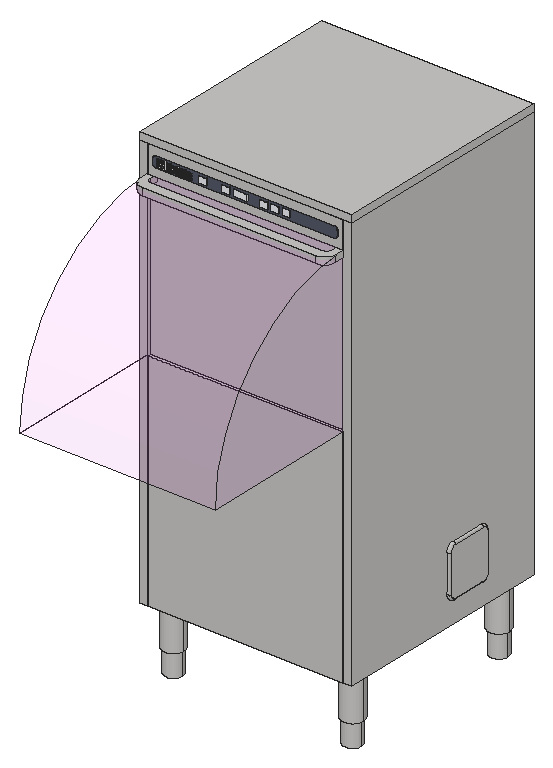
Revit family "QF_ELECTROLUXPROFESSIONAL_503025_WTU40ADPWS", category Attrezzature speciali, Revit 2020
Family settings
  Quota connettore circolare = Usa diametro
  Tipo di parte = Normale
  Basato su piano di lavoro = No
  Sempre verticale = Sì
  Taglio con vuoti quando caricato = No
  Condiviso = No
  Punto di calcolo locali = No
Parameters (values of type "Standard")
  Weight = 100.00 kg
  Watts = 9900 W
  Volts = 400 V
  URL Manufacturer = "https://www.electroluxprofessional.com/"
  URL = "https://www.electroluxprofessional.com/"
  Steam Supply Size = 0 mm
  Steam Supply Minimum Pressure = 0.0 Pa
  Steam Supply Maximum Pressure = 0.0 Pa
  Steam Consumption per Hour = 0
  Show Logo [instance] = yes
  Show Clearance [instance] = yes
  Refrigeration Suction Line Size = 0 mm
  Refrigeration Liquid Line Size = 0 mm
  Refrigerant Compressor Remote = yes
  Prospetto di default = 0 mm
  Produttore = "Electrolux Professional"
  Phase = 3
  Modello = "WTU40ADPWS"
  Length Actual = 642 mm  # constant formula
  Item Number = "503025"
  Hot Water Size = 19.05 mm
  Height Actual = 1477 mm  # constant formula
  HP = "13.3 HP"
  Gas Size = 0 mm
  Gas KW = 0
  Gas Input Pressure = 0 W
  Direct Waste Size = 20.5 mm
  Descrizione = "UTENSIL/DISHW. 65B/H,DRAIN P,ATM,W.SOFT."
  Depth Actual = 723 mm  # constant formula
  Cycle = 50 Hz
  Condensate Return Size = 0 mm
  Compressed Air Volume = 0.0 L/s
  Compressed Air Size = 0 mm
  Compressed Air Pressure = 0.0 Pa
  Cold Water Size = 0 mm
  Accessory = yes
Reference planes
  plane 1: z = 0
  plane 2 "LEFT": x = -438
  plane 3 "BACK": y = 450
  plane 4: z = 904
  plane 5: y = 381
  plane 6: x = -388
  plane 7: z = 200
  plane 8: x = 204
  plane 9: x = -117
  plane 10: z = 880
  plane 11: z = 1477
  plane 12: z = 1363
  plane 13: x = 154
  plane 14: y = -239
  plane 15: y = -172
  plane 16: through (180, 105, 4000) normal (-0.7071, -0.7071, 0)
  plane 17: through (180, 125, 4000) normal (0.7071, -0.7071, 0)
  plane 18: through (47, -3351, 200) normal (-0.7071, 0, -0.7071)
  plane 19: through (47, -3351, 220) normal (0.7071, 0, -0.7071)
  plane 20: y = 392
  plane 21: x = -173
  plane 22: y = 392
  plane 23: x = -117
  plane 24: y = -76
  plane 25: x = -208
Forms (mm)
  Extrusion 1, solid, material "QF_Finishes_Stainless Steel"
    sketch origin (0, 211, 0) x (1, 0, 0) y (0, 1, 0)
      loop
        line (-438, 239) -> (-438, -450) -> (-413, -450) -> (-413, -418) -> (179, -418) -> (179, -450) -> (204, -450) -> (204, 239) -> (-438, 239)
    from 200 to 1455
  Extrusion 2, solid, material "QF_Finishes_Stainless Steel"
    sketch origin (-247.596, -58.023, 198) x (0, -1, 0) y (1, 0, 0)
      loop
        line (-163.023, 407.596) -> (-163.023, 427.596) -> (-183.023, 427.596) -> (-183.023, 407.596) -> (-163.023, 407.596)
    from 0 to 2
  Extrusion 3, solid, material "QF_Finishes_Stainless Steel"
    sketch origin (-1275.159, 1164.464, 194.383) x (1, 0, 0) y (0, 1, 0)
      loop
        circle (1102.159, -772.464) r 10
    from -9.383 to 5.617
  Extrusion 4, solid, material "QF_Finishes_Stainless Steel"
    sketch origin (-30, 211, -709) x (1, 0, 0) y (0, 1, 0)
      loop
        line (-383, -440) -> (209, -440) -> (209, -420) -> (-383, -420) -> (-383, -440)
    from 1589 to 2082
  Extrusion 5, solid, material "QF_Finishes_Stainless Steel"
    sketch origin (-30, 211, -1192) x (1, 0, 0) y (0, 1, 0)
      loop
        line (-383, -450) -> (209, -450) -> (209, -420) -> (-383, -420) -> (-383, -450)
    from 1392 to 2072
  Extrusion 6, solid, material "QF_Finishes_Door Clearance", visible <- "Show Clearance"
    sketch origin (-259, -429, 522.718) x (0, 1, 0) y (0, 0, -1)
      loop
        line (200, -357.282) -> (-293, -357.282)
        arc (-293, -357.282) -> (-148.604, -705.885) -> (200, -850.282) r 493
        line (200, -850.282) -> (200, -357.282)
    from 154 to -438
  Extrusion 7, solid, material "QF_Finishes_Stainless Steel"
    sketch origin (-30, 211, -19) x (1, 0, 0) y (0, 1, 0)
      loop
        line (-383, -450) -> (209, -450) -> (209, -420) -> (-383, -420) -> (-383, -450)
    from 1392 to 1474
  Extrusion 8, solid, material "QF_Finishes_Stainless Steel"
    sketch origin (-57, 0, 63) x (1, 0, 0) y (0, 1, 0)
      loop
        line (-381, -239) -> (261, -239) -> (261, 450) -> (-381, 450) -> (-381, -239)
    from 1392 to 1414
  Extrusion 9, solid, material "QF_Finishes_Stainless Steel"
    sketch origin (-380.596, 450, 36.977) x (1, 0, 0) y (0, 0, -1)
      loop
        line (407.596, -163.023) -> (407.596, -183.023) -> (427.596, -183.023) -> (427.596, -163.023) -> (407.596, -163.023)
    from 0 to 2
  Extrusion 10, solid, material "QF_Finishes_Stainless Steel"
    sketch origin (-1219.159, 1164.464, 194.383) x (1, 0, 0) y (0, 1, 0)
      loop
        circle (1102.159, -772.464) r 10
    from -9.383 to 5.617
  Extrusion 11, solid, material "QF_Finishes_Stainless Steel"
    sketch origin (-1107.159, 1164.464, 194.383) x (1, 0, 0) y (0, 1, 0)
      loop
        circle (1102.159, -772.464) r 10
    from -9.383 to 5.617
  Extrusion 12, solid, material "QF_Finishes_Stainless Steel"
    sketch origin (-1310.159, 696.464, 194.383) x (1, 0, 0) y (0, 1, 0)
      loop
        circle (1102.159, -772.464) r 10
    from -9.383 to 5.617
Dimensions and locks
  plane 4 to level = 904 mm
  plane 3 "BACK" to plane 5 = 69 mm
  plane 2 "LEFT" to plane 6 = 50 mm
  plane 2 "LEFT" to plane 8 = 642 mm
  equal spacing: plane 2 "LEFT", plane 9, plane 8
  plane 10 to level = 880 mm
  plane 11 to level = 1477 mm
  plane 12 to plane 10 = 483 mm
  nested 1 to plane 6 = 0 mm
  plane 13 to plane 8 = 50 mm
  plane 3 "BACK" to plane 14 = 689 mm
  plane 15 to plane 14 = 67 mm
  aligned and locked: level to plane 1
Automatic sketch dimensions
  Extrusion 1 sketch curve to plane 2 "LEFT" = 0 mm
  plane 14 to Extrusion 1 sketch curve = 0 mm  (x2)
  Extrusion 1 sketch curve to plane 3 "BACK" = 0 mm
  Extrusion 1 sketch curve to plane 8 = 0 mm
  plane 2 "LEFT" to Extrusion 1 sketch curve = 25 mm
  plane 8 to Extrusion 1 sketch curve = 25 mm
  Extrusion 1 sketch curve to plane 14 = 32 mm
  Extrusion 2 sketch curve to plane 16 = 0 mm
  plane 17 to Extrusion 2 sketch curve = 0 mm
  Extrusion 2 sketch curve to plane 17 = 0 mm
  Extrusion 2 sketch curve to plane 13 = 6 mm
  plane 20 to Extrusion 3 sketch curve = 0 mm
  Extrusion 3 sketch curve to plane 21 = 0 mm
  plane 2 "LEFT" to Extrusion 4 sketch curve = 25 mm
  plane 8 to Extrusion 4 sketch curve = 25 mm
  Extrusion 4 sketch curve to plane 14 = 10 mm
  Extrusion 4 sketch curve to Extrusion 4 sketch curve = 20 mm
  plane 14 to Extrusion 5 sketch curve = 0 mm
  plane 2 "LEFT" to Extrusion 5 sketch curve = 25 mm
  plane 8 to Extrusion 5 sketch curve = 25 mm
  Extrusion 5 sketch curve to plane 14 = 30 mm
  plane 10 to Extrusion 6 sketch curve = 0 mm  (x2)
  Extrusion 6 sketch curve to plane 14 = 10 mm
  plane 12 to Extrusion 6 sketch curve = 10 mm
  plane 14 to Extrusion 7 sketch curve = 0 mm
  plane 2 "LEFT" to Extrusion 7 sketch curve = 25 mm
  plane 8 to Extrusion 7 sketch curve = 25 mm
  Extrusion 7 sketch curve to plane 14 = 30 mm
  Extrusion 8 sketch curve to plane 3 "BACK" = 0 mm
  plane 14 to Extrusion 8 sketch curve = 0 mm
  Extrusion 8 sketch curve to plane 8 = 0 mm
  Extrusion 8 sketch curve to plane 2 "LEFT" = 0 mm
  plane 18 to Extrusion 9 sketch curve = 0 mm
  Extrusion 9 sketch curve to plane 7 = 0 mm
  Extrusion 9 sketch curve to plane 19 = 0 mm  (x2)
  Extrusion 10 sketch curve to plane 9 = 0 mm
  plane 20 to Extrusion 10 sketch curve = 0 mm
  plane 20 to Extrusion 11 sketch curve = 0 mm
  Extrusion 11 sketch curve to plane 9 = 112 mm
  plane 2 "LEFT" to Extrusion 12 sketch curve = 230 mm
  Extrusion 12 sketch curve to plane 5 = 457 mm
  radius of Extrusion 3 sketch curve = 10 mm
  radius of Extrusion 10 sketch curve = 10 mm
  radius of Extrusion 11 sketch curve = 10 mm
  radius of Extrusion 12 sketch curve = 10 mm
Nested families
  nested 1: "Piedino H200 - DISHWASHING" at (-388, -172, 0), type "Piedino H200 - DISHWASHING"
    with H 200 mm
  nested 2: "Piedino H200 - DISHWASHING" at (-388, 381, 0), type "Piedino H200 - DISHWASHING"
    with H 200 mm
  nested 3: "Piedino H200 - DISHWASHING" at (154, -172, 0), type "Piedino H200 - DISHWASHING"
    with H 200 mm
  nested 4: "Piedino H200 - DISHWASHING" at (154, 381, 0), type "Piedino H200 - DISHWASHING"
    with H 200 mm
  nested 5: "MANIGLIA_DISHWASHING_ROUND" at (-117, -229, 1362.997) x (1, 0, 0) z (0, -1, 0), type "MANIGLIA_DISHWASHING_ROUND"
  nested 6: "Tastierino_DISHWASHING_BLU ELECTROLUX - LUNGO" at (-117, -239, 1414) x (1, 0, 0) z (0, -1, 0), type "Tastierino_DISHWASHING_BLU ELECTROLUX - LUNGO"
    with Show Logo yes
  nested 7: "BOCCHETTONE DISHWASHING" at (204, 191, 350) x (0, -1, 0) z (1, 0, 0), type "BOCCHETTONE DISHWASHING"
  nested 8: "ELX_LOGO_MONO_SMALL_WHITE" at (-360.07, -240, 1463) x (1, 0, 0) z (0, -1, 0), Show Logo <- "Show Logo", visible <- "Show Logo", type "ELX_LOGO_MONO_SMALL_WHITE"
    with Show Logo yes
  nested 9: "ELX_LOGO_WORDS_WHITE" at (-314.654, -240, 1414) x (1, 0, 0) z (0, -1, 0), Show Logo <- "Show Logo", visible <- "Show Logo", type "ELX_LOGO_WORDS_WHITE"
    with Show Logo yes
Connectors
  electrical at (170, 115, 198)
    settings: on Extrusion 2, index 69, voltage 0 V, apparent load 0 VA, apparent load phase1 0 VA, apparent load phase2 0 VA, apparent load phase3 0 VA, power factor 1, load classification "Altro", number of poles 1, system type 30, power factor state 1, is connector primary yes, connector utility no, sub classification motor no, connector description "EI"
  piping at (-173, 392, 185), diameter 12.9
    settings: on Extrusion 3, index 70, connector inside diameter 609.6 mm, connector length 0 mm, flow factor 0, pipe flow 0.0 L/s, pressure drop 0.0 Pa, fitting loss kfactor 0, connector angle 0.00°, fixture units 0, engagement length 0 mm, angle of deflection 0.00°, flow configuration 0, flow direction 0, fitting loss method 0, system type 29, joint type 0, gender type 0, connector reference index -1, connector utility 0, adjustable connector no, is connector primary yes, connector description "XD"
  electrical at (37, 450, 210)
    settings: on Extrusion 9, index 71, voltage 0 V, apparent load 0 VA, apparent load phase1 0 VA, apparent load phase2 0 VA, apparent load phase3 0 VA, power factor 1, load classification "Altro", number of poles 1, system type 30, power factor state 1, is connector primary no, connector utility no, sub classification motor no, connector description "EQ"
  piping at (-117, 392, 185), diameter 12.9
    settings: on Extrusion 10, index 72, connector inside diameter 609.6 mm, connector length 0 mm, flow factor 0, pipe flow 0.0 L/s, pressure drop 0.0 Pa, fitting loss kfactor 0, connector angle 0.00°, fixture units 0, engagement length 0 mm, angle of deflection 0.00°, flow configuration 0, flow direction 0, fitting loss method 0, system type 29, joint type 0, gender type 0, connector reference index -1, connector utility 0, adjustable connector no, is connector primary no, connector description "D"
  piping at (-5, 392, 185), diameter 12.9
    settings: on Extrusion 11, index 73, connector inside diameter 609.6 mm, connector length 0 mm, flow factor 0, pipe flow 0.0 L/s, pressure drop 0.0 Pa, fitting loss kfactor 0, connector angle 0.00°, fixture units 0, engagement length 0 mm, angle of deflection 0.00°, flow configuration 0, flow direction 0, fitting loss method 0, system type 29, joint type 0, gender type 0, connector reference index -1, connector utility 0, adjustable connector no, is connector primary no, connector description "HWI"
  piping at (-208, -76, 185), diameter 12.9
    settings: on Extrusion 12, index 74, connector inside diameter 609.6 mm, connector length 0 mm, flow factor 0, pipe flow 0.0 L/s, pressure drop 0.0 Pa, fitting loss kfactor 0, connector angle 0.00°, fixture units 0, engagement length 0 mm, angle of deflection 0.00°, flow configuration 0, flow direction 0, fitting loss method 0, system type 29, joint type 0, gender type 0, connector reference index -1, connector utility 0, adjustable connector no, is connector primary no, connector description "D"
Definition of nested family "Piedino H200 - DISHWASHING"
  Parameters (values of type "Piedino H200 - DISHWASHING")
    Default Elevation = 0 mm
    H [instance] = 200 mm
  Reference planes
    plane 1 "Centro (Fronte/Retro)": y = 0
    plane 2: z = 0
    plane 3 "Centro (Sinistra/Destra)": x = 0
    plane 4: z = 70.047
  Forms (mm)
    Revolve 1, solid
      sketch origin (55, 0, 0) x (-1, 0, 0) y (0, 0, -1)
        loop
          line (55, 0) -> (27.6, 0) -> (27.6, -70.047) -> (22.6, -70.047) -> (22.6, -200) -> (55, -200) -> (55, 0)
        axis (55, 0) -> (55, -200)
      angle from 0 to 360
  Dimensions and locks
    "H": Revolve 1 to plane 2
    aligned and locked: level to plane 2
  Automatic sketch dimensions
    Revolve 1 sketch curve to plane 4 = 0 mm
    Revolve 1 sketch curve to level = 0 mm
    Revolve 1 sketch curve to plane 3 "Centro (Sinistra/Destra)" = 0 mm  (x2)
    plane 3 "Centro (Sinistra/Destra)" to Revolve 1 sketch curve = 27.4 mm
    Revolve 1 sketch curve to Revolve 1 sketch curve = 5 mm
    Revolve 1 sketch curve to plane 4 = 129.953 mm
    Revolve 1 sketch curve to Revolve 1 sketch curve = 0 mm
    Revolve 1 sketch curve to Revolve 1 sketch curve = 20 mm
Definition of nested family "MANIGLIA_DISHWASHING_ROUND"
  Parameters (values of type "MANIGLIA_DISHWASHING_ROUND")
    Default Elevation = 1219.2 mm
  Reference planes
    plane 1 "Centro (Fronte/Retro)": y = 0
    plane 2: z = 0
    plane 3 "Centro (Sinistra/Destra)": x = 0
    plane 4: z = 72
    plane 5: x = -296
    plane 6: x = 296
  Forms (mm)
    Extrusion 1, solid
      sketch origin (0, 0, 0) x (1, 0, 0) y (0, 1, 0)
        loop
          line (-1219.2, 1219.2) -> (-1219.2, -1219.2) -> (1219.2, -1219.2) -> (1219.2, 1219.2) -> (-1219.2, 1219.2)
      from 0 to -304.8
    Extrusion 2, solid
      sketch origin (0, 10.003, 0) x (1, 0, 0) y (0, 0, 1)
        loop
          line (-296, 0) -> (-276, 0) -> (-276, 27)
          arc (-276, 27) -> (-271.607, 37.607) -> (-261, 42) r 15
          line (-261, 42) -> (261, 42)
          arc (261, 42) -> (271.607, 37.607) -> (276, 27) r 15
          line (276, 27) -> (276, 0) -> (296, 0) -> (296, 37)
          arc (296, 37) -> (285.749, 61.749) -> (261, 72) r 35
          line (261, 72) -> (-261, 72)
          arc (-261, 72) -> (-285.749, 61.749) -> (-296, 37) r 35
          line (-296, 37) -> (-296, 0)
      from 0 to 20.005
  Dimensions and locks
    plane 5 to plane 6 = 592 mm
    aligned and locked: plane 2 to Extrusion 1
    aligned and locked: level to Extrusion 1
Definition of nested family "Tastierino_DISHWASHING_BLU ELECTROLUX - LUNGO"
  Parameters (values of type "Tastierino_DISHWASHING_BLU ELECTROLUX - LUNGO")
    Show Logo [instance] = yes
    Default Elevation = 1219.2 mm
  Reference planes
    plane 1 "Centro (Fronte/Retro)": y = 0
    plane 2: z = 0
    plane 3 "Centro (Sinistra/Destra)": x = 0
  Forms (mm)
    Extrusion 1, solid
      sketch origin (0, 0, 0) x (1, 0, 0) y (0, 1, 0)
        loop
          line (-1219.2, 1219.2) -> (-1219.2, -1219.2) -> (1219.2, -1219.2) -> (1219.2, 1219.2) -> (-1219.2, 1219.2)
      from 0 to -304.8
    Extrusion 2, solid
      sketch origin (0, -346.27, 0) x (1, 0, 0) y (0, 1, 0)
        loop
          line (-279, 352.097) -> (-279, 340.442)
          arc (-279, 340.442) -> (-276.071, 333.371) -> (-269, 330.442) r 10
          line (-269, 330.442) -> (269, 330.442)
          arc (269, 330.442) -> (276.071, 333.371) -> (279, 340.442) r 10
          line (279, 340.442) -> (279, 352.097)
          arc (279, 352.097) -> (276.071, 359.169) -> (269, 362.097) r 10
          line (269, 362.097) -> (-269, 362.097)
          arc (-269, 362.097) -> (-276.071, 359.169) -> (-279, 352.097) r 10
      from 0 to 1
    Extrusion 3, solid
      sketch origin (15, -346.27, 0) x (1, 0, 0) y (0, 1, 0)
        loop
          line (-154.168, 355.847) -> (-154.168, 336.692) -> (-131.389, 336.692) -> (-131.389, 355.847) -> (-154.168, 355.847)
        loop
          line (-84.168, 355.847) -> (-84.168, 336.692) -> (-61.389, 336.692) -> (-61.389, 355.847) -> (-84.168, 355.847)
        loop
          line (30.832, 355.847) -> (30.832, 336.692) -> (53.611, 336.692) -> (53.611, 355.847) -> (30.832, 355.847)
        loop
          line (63.497, 355.847) -> (63.497, 336.692) -> (86.275, 336.692) -> (86.275, 355.847) -> (63.497, 355.847)
        loop
          line (98.497, 355.847) -> (98.497, 336.692) -> (121.275, 336.692) -> (121.275, 355.847) -> (98.497, 355.847)
        loop
          line (-48.676, 355.847) -> (-48.676, 336.692) -> (-8.383, 336.692) -> (-8.383, 355.847) -> (-48.676, 355.847)
      from 0 to 2
  Dimensions and locks
    aligned and locked: plane 2 to Extrusion 1
    aligned and locked: level to Extrusion 1
Definition of nested family "BOCCHETTONE DISHWASHING"
  Parameters (values of type "BOCCHETTONE DISHWASHING")
    Default Elevation = 1219.2 mm
  Reference planes
    plane 1 "Centro (Fronte/Retro)": y = 0
    plane 2: z = 0
    plane 3 "Centro (Sinistra/Destra)": x = 0
  Forms (mm)
    Extrusion 1, solid
      sketch origin (0, 0, 0) x (1, 0, 0) y (0, 1, 0)
        loop
          line (-1219.2, 1219.2) -> (-1219.2, -1219.2) -> (1219.2, -1219.2) -> (1219.2, 1219.2) -> (-1219.2, 1219.2)
      from 0 to -304.8
    Extrusion 2, solid
      sketch origin (-411.544, -195.727, 0) x (1, 0, 0) y (0, 1, 0)
        loop
          arc (359.044, 268.227) -> (348.437, 263.833) -> (344.044, 253.227) r 15
          line (344.044, 253.227) -> (344.044, 138.227)
          arc (344.044, 138.227) -> (348.437, 127.62) -> (359.044, 123.227) r 15
          line (359.044, 123.227) -> (464.044, 123.227)
          arc (464.044, 123.227) -> (474.65, 127.62) -> (479.044, 138.227) r 15
          line (479.044, 138.227) -> (479.044, 253.227)
          arc (479.044, 253.227) -> (474.65, 263.833) -> (464.044, 268.227) r 15
          line (464.044, 268.227) -> (359.044, 268.227)
      from 0 to 13.165
    Sweep 3, solid
      path in 3D
        loop
          arc (-52.5, 72.5, 13.165) -> (-63.107, 68.107, 13.165) -> (-67.5, 57.5, 13.165) r 15
          line (-67.5, 57.5, 13.165) -> (-67.5, -57.5, 13.165)
          arc (-67.5, -57.5, 13.165) -> (-63.107, -68.107, 13.165) -> (-52.5, -72.5, 13.165) r 15
          line (-52.5, -72.5, 13.165) -> (52.5, -72.5, 13.165)
          arc (52.5, -72.5, 13.165) -> (63.107, -68.107, 13.165) -> (67.5, -57.5, 13.165) r 15
          line (67.5, -57.5, 13.165) -> (67.5, 57.5, 13.165)
          arc (67.5, 57.5, 13.165) -> (63.107, 68.107, 13.165) -> (52.5, 72.5, 13.165) r 15
          line (52.5, 72.5, 13.165) -> (-52.5, 72.5, 13.165)
      profile origin (0, 72.5, 13.165) x (0, 0, 1) y (0, 1, 0)
        loop
          arc (-1.054, 0) -> (-6.598, 5.544) -> (-12.141, 0) r 5.544
          line (-12.141, 0) -> (-1.054, 0)
  Lines and regions (mm)
    sketch lines
      curve 1: line (52.5, 72.5, 13.165) -> (-52.5, 72.5, 13.165)
      curve 2: arc (-67.5, 57.5, 13.165) -> (-63.107, 68.107, 13.165) -> (-52.5, 72.5, 13.165) r 15
      curve 3: line (-67.5, 57.5, 13.165) -> (-67.5, -57.5, 13.165)
      curve 4: arc (-52.5, -72.5, 13.165) -> (-63.107, -68.107, 13.165) -> (-67.5, -57.5, 13.165) r 15
      curve 5: line (-52.5, -72.5, 13.165) -> (52.5, -72.5, 13.165)
      curve 6: line (67.5, -57.5, 13.165) -> (67.5, 57.5, 13.165)
      curve 7: arc (52.5, 72.5, 13.165) -> (63.107, 68.107, 13.165) -> (67.5, 57.5, 13.165) r 15
      curve 8: arc (67.5, -57.5, 13.165) -> (63.107, -68.107, 13.165) -> (52.5, -72.5, 13.165) r 15
  Dimensions and locks
    aligned and locked: plane 2 to Extrusion 1
    aligned and locked: level to Extrusion 1
Definition of nested family "ELX_LOGO_MONO_SMALL_WHITE"
  Parameters (values of type "ELX_LOGO_MONO_SMALL_WHITE")
    Show Logo [instance] = yes
    Default Elevation = 1219.2 mm
  Reference planes
    plane 1 "Center (Front/Back)": y = -49
    plane 2: z = 0
    plane 3 "Center (Left/Right)": x = -9.92
  Forms (mm)
    Extrusion 1, solid
      sketch origin (0, 0, 0) x (1, 0, 0) y (0, 1, 0)
        loop
          line (-1219.2, 1219.2) -> (-1219.2, -1219.2) -> (1219.2, -1219.2) -> (1219.2, 1219.2) -> (-1219.2, 1219.2)
      from 0 to -304.8
    Extrusion 2, solid, visible <- "Show Logo"
      sketch origin (84.462, 509.781, 0) x (1, 0, 0) y (0, 1, 0)
        loop
          line (-97.736, -569.727) -> (-97.736, -547.891)
          arc (-97.736, -547.891) -> (-105.808, -558.809) -> (-97.736, -569.727) r 11.42
        loop
          arc (-96.625, -569.727) -> (-87.544, -567.663) -> (-83.169, -559.442) r 11.191
          line (-83.169, -559.442) -> (-86.782, -559.442)
          arc (-86.782, -559.442) -> (-93.235, -562.062) -> (-96.625, -568.146) r 10.49
          line (-96.625, -568.146) -> (-96.625, -569.727)
        loop
          arc (-96.625, -549.472) -> (-93.235, -555.557) -> (-86.782, -558.176) r 10.49
          line (-86.782, -558.176) -> (-83.169, -558.176)
          arc (-83.169, -558.176) -> (-87.537, -549.888) -> (-96.625, -547.611) r 11.484
          line (-96.625, -547.611) -> (-96.625, -549.472)
        loop
          line (-82.34, -570.919) -> (-82.34, -546.65) -> (-106.642, -546.65) -> (-106.642, -570.919) -> (-82.34, -570.919)
      from 0 to 1.644
  Dimensions and locks
    aligned and locked: plane 2 to Extrusion 1
    aligned and locked: level to Extrusion 1
Definition of nested family "ELX_LOGO_WORDS_WHITE"
  Parameters (values of type "ELX_LOGO_WORDS_WHITE")
    Show Logo [instance] = yes
    Default Elevation = 0 mm
  Reference planes
    plane 1 "Centro (Fronte/Retro)": y = 0
    plane 2: z = 0
    plane 3 "Centro (Sinistra/Destra)": x = 0
  Forms (mm)
    Extrusion 1, solid
      sketch origin (0, 0, 0) x (1, 0, 0) y (0, 1, 0)
        loop
          line (-1219.2, 1219.2) -> (-1219.2, -1219.2) -> (1219.2, -1219.2) -> (1219.2, 1219.2) -> (-1219.2, 1219.2)
      from 0 to -304.8
    Extrusion 2, solid, visible <- "Show Logo"
      sketch origin (0, 0, 0) x (1, 0, 0) y (0, 1, 0)
        loop
          line (-30.234, 10.561) -> (-37.67, 10.561) -> (-37.67, 1.902)
          arc (-37.67, 1.902) -> (-36.691, -0.461) -> (-34.329, -1.439) r 3.341
          line (-34.329, -1.439) -> (-30.09, -1.439) -> (-30.09, 0.503) -> (-33.845, 0.503)
          arc (-33.845, 0.503) -> (-35.079, 0.92) -> (-35.604, 2.112) r 1.615
          line (-35.604, 2.112) -> (-35.604, 3.829) -> (-30.555, 3.829) -> (-30.555, 5.779) -> (-35.604, 5.779) -> (-35.604, 8.617) -> (-30.234, 8.617) -> (-30.234, 10.561)
        loop
          line (-28.622, 10.561) -> (-28.622, -1.439) -> (-26.555, -1.439) -> (-26.555, 10.561) -> (-28.622, 10.561)
        loop
          line (16.27, 10.561) -> (16.27, -1.439) -> (18.338, -1.439) -> (18.338, 10.561) -> (16.27, 10.561)
        loop
          line (-23.137, 2.393) -> (-16.354, 2.393)
          arc (-16.354, 2.393) -> (-17.415, 6.119) -> (-21.043, 7.478) r 4.298
          arc (-21.043, 7.478) -> (-24.239, 5.857) -> (-25.151, 2.393) r 4.373
          arc (-25.151, 2.393) -> (-23.951, -0.505) -> (-21.053, -1.705) r 4.097
          arc (-21.053, -1.705) -> (-18.799, -1.372) -> (-16.908, -0.099) r 5.15
          line (-16.908, -0.099) -> (-18.133, 1.125)
          arc (-18.133, 1.125) -> (-19.74, 0.161) -> (-21.607, 0.323) r 3.039
          arc (-21.607, 0.323) -> (-22.746, 1.081) -> (-23.137, 2.393) r 2.013
        loop
          line (-23.085, 3.846) -> (-18.431, 3.846)
          arc (-18.431, 3.846) -> (-19.084, 5.22) -> (-20.519, 5.727) r 1.983
          arc (-20.519, 5.727) -> (-22.175, 5.295) -> (-23.085, 3.846) r 2.321
        loop
          line (-8.297, 4.711) -> (-6.999, 6.009)
          arc (-6.999, 6.009) -> (-8.627, 7.187) -> (-10.604, 7.539) r 4.497
          arc (-10.604, 7.539) -> (-13.621, 6.437) -> (-15.204, 3.642) r 4.652
          arc (-15.204, 3.642) -> (-12.536, -1.257) -> (-7.072, -0.127) r 4.684
          line (-7.072, -0.127) -> (-8.363, 1.163)
          arc (-8.363, 1.163) -> (-11.149, 0.242) -> (-13.145, 2.393) r 2.714
          arc (-13.145, 2.393) -> (-13.006, 4.094) -> (-11.835, 5.335) r 2.578
          arc (-11.835, 5.335) -> (-9.96, 5.621) -> (-8.297, 4.711) r 2.961
        loop
          line (-5.73, 10.561) -> (-5.73, 2.36)
          arc (-5.73, 2.36) -> (-5.551, 1.13) -> (-5.09, -0.025) r 5.301
          arc (-5.09, -0.025) -> (-3.615, -1.198) -> (-1.746, -1.445) r 3.531
          line (-1.746, -1.445) -> (-1.746, 0.492)
          arc (-1.746, 0.492) -> (-2.302, 0.534) -> (-2.82, 0.74) r 1.862
          arc (-2.82, 0.74) -> (-3.484, 1.442) -> (-3.662, 2.393) r 1.713
          line (-3.662, 2.393) -> (-3.662, 5.362) -> (-1.785, 5.362) -> (-1.785, 7.24) -> (-3.662, 7.24) -> (-3.662, 10.561) -> (-5.73, 10.561)
        loop
          arc (2.004, 3.123) -> (2.152, 3.988) -> (2.578, 4.755) r 2.607
          arc (2.578, 4.755) -> (3.817, 5.391) -> (5.208, 5.362) r 2.84
          line (5.208, 5.362) -> (5.208, 7.349)
          arc (5.208, 7.349) -> (3.39, 7.177) -> (2.004, 5.989) r 3.016
          line (2.004, 5.989) -> (2.004, 7.24) -> (-0.046, 7.24) -> (-0.046, -1.439) -> (2.004, -1.439) -> (2.004, 3.123)
        loop
          circle (10.262, 2.899) r 4.599
        loop
          circle (10.262, 2.899) r 2.787
        loop
          arc (25.793, 2.175) -> (25.283, 0.772) -> (23.898, 0.213) r 1.835
          arc (23.898, 0.213) -> (22.514, 0.772) -> (22.004, 2.175) r 1.835
          line (22.004, 2.175) -> (22.004, 7.24) -> (19.919, 7.24) -> (19.919, 2.003)
          arc (19.919, 2.003) -> (21.105, -0.701) -> (23.898, -1.659) r 3.675
          arc (23.898, -1.659) -> (26.723, -0.672) -> (27.877, 2.088) r 3.675
          line (27.877, 2.088) -> (27.877, 7.24) -> (25.793, 7.24) -> (25.793, 2.175)
        loop
          line (29.126, 7.24) -> (32.128, 3.164) -> (28.83, -1.442) -> (31.052, -1.442) -> (33.241, 1.615) -> (35.462, -1.442) -> (37.67, -1.442) -> (34.419, 3.211) -> (37.392, 7.24) -> (35.135, 7.24) -> (33.234, 4.663) -> (31.362, 7.24) -> (29.126, 7.24)
        loop
          line (-35.875, -6.414) -> (-37.523, -6.414) -> (-37.523, -10.564) -> (-36.621, -10.564) -> (-36.621, -9.135) -> (-35.625, -9.135)
          arc (-35.625, -9.135) -> (-34.509, -7.66) -> (-35.875, -6.414) r 1.372
        loop
          arc (-35.664, -8.32) -> (-35.322, -7.786) -> (-35.664, -7.253) r 0.587
          line (-35.664, -7.253) -> (-36.621, -7.253) -> (-36.621, -8.32) -> (-35.664, -8.32)
        loop
          line (-29.363, -6.414) -> (-31.04, -6.414) -> (-31.04, -10.564) -> (-30.138, -10.564) -> (-30.138, -9.135) -> (-29.265, -9.135) -> (-28.669, -10.564) -> (-27.7, -10.564) -> (-28.516, -8.814)
          arc (-28.516, -8.814) -> (-28.125, -8.347) -> (-27.994, -7.752) r 1.281
          arc (-27.994, -7.752) -> (-28.406, -6.804) -> (-29.363, -6.414) r 1.37
        loop
          line (-30.138, -7.253) -> (-30.138, -8.32) -> (-29.18, -8.32)
          arc (-29.18, -8.32) -> (-28.839, -7.786) -> (-29.18, -7.253) r 0.587
          line (-29.18, -7.253) -> (-30.138, -7.253)
        loop
          circle (-22.402, -8.489) r 2.156
        loop
          circle (-22.402, -8.489) r 1.368
        loop
          line (-16.703, -6.414) -> (-16.703, -10.564) -> (-15.823, -10.564) -> (-15.823, -9.114) -> (-14.261, -9.114) -> (-14.261, -8.184) -> (-15.823, -8.184) -> (-15.823, -7.308) -> (-14.111, -7.308) -> (-14.111, -6.414) -> (-16.703, -6.414)
        loop
          line (-10.611, -6.414) -> (-10.611, -9.216)
          arc (-10.611, -9.216) -> (-10.229, -10.166) -> (-9.284, -10.561) r 1.327
          line (-9.284, -10.561) -> (-7.945, -10.561) -> (-7.945, -9.777) -> (-9.204, -9.777)
          arc (-9.204, -9.777) -> (-9.668, -9.394) -> (-9.759, -8.799) r 0.845
          line (-9.759, -8.799) -> (-8.1, -8.799) -> (-8.1, -8.015) -> (-9.759, -8.015) -> (-9.759, -7.198) -> (-7.985, -7.198) -> (-7.985, -6.414) -> (-10.611, -6.414)
        loop
          arc (4.417, -6.94) -> (3.867, -6.489) -> (3.171, -6.345) r 1.485
          arc (3.171, -6.345) -> (2.528, -6.503) -> (2, -6.902) r 1.645
          arc (2, -6.902) -> (1.902, -7.844) -> (2.51, -8.571) r 1.217
          arc (2.51, -8.571) -> (3.021, -8.741) -> (3.506, -8.976) r 4.201
          arc (3.506, -8.976) -> (3.812, -9.337) -> (3.601, -9.761) r 0.43
          arc (3.601, -9.761) -> (3.209, -9.853) -> (2.819, -9.754) r 0.846
          arc (2.819, -9.754) -> (2.482, -9.511) -> (2.275, -9.15) r 0.983
          line (2.275, -9.15) -> (1.549, -9.489)
          arc (1.549, -9.489) -> (1.811, -9.993) -> (2.232, -10.374) r 1.595
          arc (2.232, -10.374) -> (2.71, -10.578) -> (3.227, -10.63) r 1.719
          arc (3.227, -10.63) -> (3.867, -10.503) -> (4.442, -10.197) r 2.246
          arc (4.442, -10.197) -> (4.697, -9.52) -> (4.566, -8.81) r 1.349
          arc (4.566, -8.81) -> (4.282, -8.482) -> (3.919, -8.245) r 1.564
          arc (3.919, -8.245) -> (3.46, -8.04) -> (2.99, -7.864) r 8.236
          arc (2.99, -7.864) -> (2.718, -7.441) -> (3.111, -7.128) r 0.375
          arc (3.111, -7.128) -> (3.581, -7.241) -> (3.943, -7.563) r 0.998
          line (3.943, -7.563) -> (4.417, -6.94)
        loop
          line (8.225, -6.414) -> (8.225, -10.561) -> (9.077, -10.561) -> (9.077, -6.414) -> (8.225, -6.414)
        loop
          circle (14.827, -8.488) r 1.29
        loop
          circle (14.827, -8.488) r 2.154
        loop
          line (20.548, -10.561) -> (21.409, -10.561) -> (21.409, -7.954) -> (23.306, -10.561) -> (24.135, -10.561) -> (24.135, -6.414) -> (23.274, -6.414) -> (23.274, -9.101) -> (21.377, -6.414) -> (20.548, -6.414) -> (20.548, -10.561)
        loop
          line (28.435, -10.561) -> (28.839, -9.667) -> (30.373, -9.667) -> (30.777, -10.561) -> (31.693, -10.561) -> (29.942, -6.414) -> (29.142, -6.414) -> (27.519, -10.561) -> (28.435, -10.561)
        loop
          line (29.99, -8.816) -> (29.579, -7.905) -> (29.18, -8.816) -> (29.99, -8.816)
        loop
          line (35.929, -9.777) -> (35.929, -6.414) -> (35.076, -6.414) -> (35.076, -10.561) -> (37.523, -10.561) -> (37.523, -9.777) -> (35.929, -9.777)
        loop
          arc (-1.8, -6.94) -> (-2.35, -6.489) -> (-3.046, -6.345) r 1.485
          arc (-3.046, -6.345) -> (-3.689, -6.503) -> (-4.218, -6.902) r 1.645
          arc (-4.218, -6.902) -> (-4.316, -7.844) -> (-3.708, -8.571) r 1.217
          arc (-3.708, -8.571) -> (-3.197, -8.741) -> (-2.712, -8.976) r 4.201
          arc (-2.712, -8.976) -> (-2.405, -9.337) -> (-2.616, -9.761) r 0.43
          arc (-2.616, -9.761) -> (-3.008, -9.853) -> (-3.399, -9.754) r 0.846
          arc (-3.399, -9.754) -> (-3.736, -9.511) -> (-3.942, -9.15) r 0.983
          line (-3.942, -9.15) -> (-4.668, -9.489)
          arc (-4.668, -9.489) -> (-4.407, -9.993) -> (-3.985, -10.374) r 1.595
          arc (-3.985, -10.374) -> (-3.507, -10.578) -> (-2.99, -10.63) r 1.719
          arc (-2.99, -10.63) -> (-2.351, -10.503) -> (-1.775, -10.197) r 2.246
          arc (-1.775, -10.197) -> (-1.521, -9.52) -> (-1.652, -8.81) r 1.349
          arc (-1.652, -8.81) -> (-1.936, -8.482) -> (-2.298, -8.245) r 1.564
          arc (-2.298, -8.245) -> (-2.757, -8.04) -> (-3.228, -7.864) r 8.236
          arc (-3.228, -7.864) -> (-3.5, -7.441) -> (-3.107, -7.128) r 0.375
          arc (-3.107, -7.128) -> (-2.636, -7.241) -> (-2.274, -7.563) r 0.998
          line (-2.274, -7.563) -> (-1.8, -6.94)
      from 0 to 1.644
  Dimensions and locks
    aligned and locked: plane 2 to Extrusion 1
    aligned and locked: level to Extrusion 1
